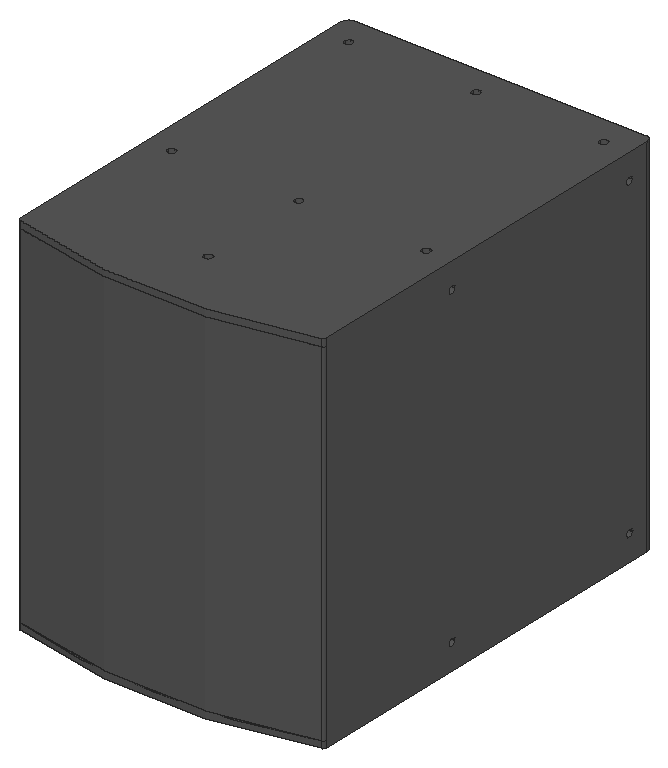
Revit family "1Electronics_Community_Biamp_Subwoofer_IS8-115WR", category Communication Devices, host Face, Revit 2020
Family settings
  Host = Face
  Maintain Annotation Orientation = No
  Round Connector Dimension = Use Diameter
  Part Type = Normal
  OmniClass Number = 23.85.10.11.14.14.14
  OmniClass Title = Loudspeakers
  Cut with Voids When Loaded = No
  Shared = No
  Room Calculation Point = No
Parameters (values of type "IS8-115WR B")
  Width = 16.50"  # constant formula
  Weight = 72.00 lbf  # constant formula
  URL = "https://www.biamp.com/"
  Transducers = "1 x 15 (381mm) double-treated cone with 4 (102mm) voice coil, demodulation ring, neodymium construction"  # constant formula
  Shipping Weight = 82.00 lbf  # constant formula
  Recommended Amplifiers = "Single Amp - 1000W - 2000W @ 8 ohms,  (89V - 126V)"  # constant formula
  Product data url = "https://bimobject.com/biamp/product/is8-115wr_community-subwoofer"
  Product Page URL = "https://www.biamp.com/products/product-families/community/community-subwoofers#is8-115wr"
  Product Documentation Link = "https://www.biamp.com/products/product-families/community/community-subwoofers#is8-115wr"
  Operating Range = "36 Hz to 155 Hz  "  # constant formula
  Operating Mode = "Single Amp"  # constant formula
  Operating Environment = "Weather-Resistant Outdoor "  # constant formula
  Nominal Sensitivity = "Half Space - 1W: 99 dB - 2.83V: 99 dB; Whole Space - 1W: 93 dB - 2.83V: 93 dB"  # constant formula
  Nominal Maximum SPL = "Half Space - Peak: 135 dB - Continuous: 129 dB; Whole Space - Peak: 129 dB - Continuous: 123 dB"  # constant formula
  Mounting Points = "(22) M10 threaded rigging points"  # constant formula
  Model = "IS8-115WR B"
  Manufacturer = "Biamp"  # constant formula
  Input Connection = "Screw terminal blocks (4-position)"  # constant formula
  Housing Material = Biamp - Plastic - Black
  Height = 19.80078"  # constant formula
  Grill Material = Biamp - Plastic - Black(Grid)
  Equalized Sensitivity = "Half Space - 1W: 97 dB - 2.83V: 97 dB; Whole Space - 1W: 91 dB - 2.83V: 91 dB"  # constant formula
  Equalized Maximum SPL = "Half Space - Peak: 133 dB - Continuous: 127 dB; Whole Space - Peak: 127 dB - Continuous: 121 dB"  # constant formula
  Environmental = "Outdoor:  IP55W per IEC 60529 , MIL-STD-810G"  # constant formula
  Description = "IS8-115WR High Power Single 15-Inch Weather-Resistant Subwoofer"  # constant formula
  Depth = 23.35156"  # constant formula
  Default Elevation = 48.00"
  Continuous Power Handling  Nominal Impedance = "Single Amp - 89V, 1000W @ 8 ohms (4000W peak)"  # constant formula
Types (4): name | Model | Housing Material | Grill Material
  (no name) | "IS8-115WR B" | Biamp - Plastic - Black | Biamp - Plastic - Black(Grid)
  IS8-115WR B | "IS8-115WR B" | Biamp - Plastic - Black | Biamp - Plastic - Black(Grid)
  IS8-115WR W | "IS8-115WR W" | Biamp - Plastic - White | Biamp - Plastic - White(Grid)
  IS8-115WR G | "IS8-115WR G" | Biamp - Plastic - Gray | Biamp - Plastic - Gray(Grid)
Reference planes (in)
  plane 1 "Center (Front/Back)": y = 0
  plane 2: z = 0
  plane 3 "Center (Left/Right)": x = 0
  plane 4: y = 11.67578
  plane 5: y = -11.67578
  plane 6: x = -8.25
  plane 7: x = 8.25
  plane 8: z = 19.80078
  plane 9: z = 9.90039
Forms (in)
  Extrusion 1, solid, material "Biamp - Plastic - Black" <- "Housing Material", detail levels medium+fine
    sketch origin (0, 0, 0) x (1, 0, 0) y (0, 1, 0)
      loop
        arc (-8.24987, -10.31424) -> (-8.21124, -10.41966) -> (-8.11864, -10.48315) r 0.18443
        arc (-8.11864, -10.48315) -> (0, -11.67578) -> (8.11863, -10.48315) r 28.22936
        arc (8.11863, -10.48315) -> (8.21126, -10.41963) -> (8.24987, -10.31417) r 0.18443
        line (8.24987, -10.31417) -> (8.24987, 11.30084)
        arc (8.24987, 11.30084) -> (8.14005, 11.56597) -> (7.87491, 11.6758) r 0.37495
        line (7.87491, 11.6758) -> (-7.87511, 11.6758)
        arc (-7.87511, 11.6758) -> (-8.14583, 11.56033) -> (-8.24987, 11.28502) r 0.37508
        line (-8.24987, 11.28502) -> (-8.24987, -10.31424)
    from 0 to 19.80078
  Extrusion 2, void
    sketch origin (0, 0, 0) x (1, 0, 0) y (0, 1, 0)
      loop
        circle (-6.87, 10.11578) r 0.21654
      loop
        circle (0, 10.11578) r 0.21654
      loop
        circle (-6.87, -1.85422) r 0.21654
      loop
        circle (0, -1.85422) r 0.21654
      loop
        circle (0, -7.97422) r 0.21654
      loop
        circle (6.87, 10.11578) r 0.21654
      loop
        circle (6.87, -1.85422) r 0.21654
    from 19.42578 to 19.80078
  Extrusion 3, void
    sketch origin (0, 0, 0) x (0, 1, 0) y (0, 0, 1)
      loop
        circle (10.11578, 1.38) r 0.21654
      loop
        circle (10.11578, 18.42) r 0.21654
      loop
        circle (-1.85422, 1.38) r 0.21654
      loop
        circle (-1.85422, 18.42) r 0.21654
    from 8.25 to 7.875
  Extrusion 4, void
    sketch origin (0, 0, 0) x (1, 0, 0) y (0, 0, 1)
      loop
        circle (0, 18.42078) r 0.21654
      loop
        circle (0, 1.38) r 0.21654
      loop
        line (2.005, 13.43039) -> (-2.005, 13.43039)
        arc (-2.005, 13.43039) -> (-2.09339, 13.39378) -> (-2.13, 13.30539) r 0.125
        line (-2.13, 13.30539) -> (-2.13, 6.49539)
        arc (-2.13, 6.49539) -> (-2.09339, 6.407) -> (-2.005, 6.37039) r 0.125
        line (-2.005, 6.37039) -> (2.005, 6.37039)
        arc (2.005, 6.37039) -> (2.09339, 6.407) -> (2.13, 6.49539) r 0.125
        line (2.13, 6.49539) -> (2.13, 13.30539)
        arc (2.13, 13.30539) -> (2.09339, 13.39378) -> (2.005, 13.43039) r 0.125
    from -11.67578 to -11.30078
  Extrusion 5, void
    sketch origin (0, 0, 0) x (0, 1, 0) y (0, 0, 1)
      loop
        line (-10.30979, 19.42578) -> (-11.67578, 19.42578) -> (-11.67578, 0.375) -> (-10.30979, 0.375) -> (-10.30979, 19.42578)
    from -8.25 to 8.25
  Extrusion 6, solid, material "Biamp - Plastic - Black(Grid)" <- "Grill Material", detail levels medium+fine
    sketch origin (0, 0, 0) x (1, 0, 0) y (0, 1, 0)
      loop
        arc (-8.25, -10.30979) -> (-8.21259, -10.41789) -> (-8.11864, -10.48315) r 0.18443
        arc (-8.11864, -10.48315) -> (0, -11.67578) -> (8.11863, -10.48315) r 28.22936
        arc (8.11863, -10.48315) -> (8.21259, -10.41789) -> (8.25, -10.30979) r 0.18443
        line (8.25, -10.30979) -> (-8.25, -10.30979)
    from 0.375 to 19.42578
  Extrusion 7, solid, material "Biamp - Plastic - Black" <- "Housing Material", detail levels medium+fine
    sketch origin (0, 0, 0) x (1, 0, 0) y (0, 0, 1)
      loop
        line (-0.5, 12.43039) -> (-0.5, 12.18039) -> (0.5, 12.18039) -> (0.5, 12.43039) -> (-0.5, 12.43039)
      loop
        line (-0.5, 11.43039) -> (-0.5, 11.18039) -> (0.5, 11.18039) -> (0.5, 11.43039) -> (-0.5, 11.43039)
    from -11.48828 to -11.30078
  Extrusion 8, void
    sketch origin (0, 0, -19.42578) x (0, -1, 0) y (1, 0, 0)
      loop
        circle (-10.11578, 6.87) r 0.21654
      loop
        circle (-10.11578, -6.87) r 0.21654
      loop
        circle (-10.11578, 0) r 0.21654
      loop
        circle (1.85422, 6.87) r 0.21654
      loop
        circle (1.85422, -6.87) r 0.21654
      loop
        circle (1.85422, 0) r 0.21654
      loop
        circle (7.97422, 0) r 0.21654
    from 19.42578 to 19.80078
  Extrusion 9, void
    sketch origin (1.65039, 0, 0) x (0, 1, 0) y (0, 0, -1)
      loop
        circle (10.11578, -1.38) r 0.21654
      loop
        circle (10.11578, -18.42) r 0.21654
      loop
        circle (-1.85422, -1.38) r 0.21654
      loop
        circle (-1.85422, -18.42) r 0.21654
    from 9.52539 to 9.90039
  Extrusion 10, solid, material "Biamp - Plastic - Black" <- "Housing Material", detail levels coarse
    sketch origin (0, 0, 0) x (1, 0, 0) y (0, 1, 0)
      loop
        line (8.24987, -10.31417) -> (8.24987, 11.30084)
        arc (8.24987, 11.30084) -> (8.14005, 11.56597) -> (7.87491, 11.6758) r 0.37495
        line (7.87491, 11.6758) -> (-7.87511, 11.6758)
        arc (-7.87511, 11.6758) -> (-8.14583, 11.56033) -> (-8.24987, 11.28502) r 0.37508
        line (-8.24987, 11.28502) -> (-8.24987, -10.31424)
        arc (-8.24987, -10.31424) -> (-8.21124, -10.41966) -> (-8.11864, -10.48315) r 0.18443
        arc (-8.11864, -10.48315) -> (0, -11.67578) -> (8.11863, -10.48315) r 28.22936
        arc (8.11863, -10.48315) -> (8.21259, -10.41789) -> (8.25, -10.30979) r 0.18443
    from 0 to 19.80078
Cuts and joins
  Extrusion 2, Extrusion 3, Extrusion 4, Extrusion 5, Extrusion 8, Extrusion 9 cuts Extrusion 1
Lines and regions (in)
  Masking region 1
    outline origin (0, 0, 0) x (0, 1, 0) y (0, 0, 1)
      loop
        line (11.67578, 19.80078) -> (-11.67578, 19.80078) -> (-11.67578, 0) -> (11.67578, 0) -> (11.67578, 19.80078)
  Masking region 2
    outline origin (0, 0, 0) x (1, 0, 0) y (0, 0, 1)
      loop
        line (-8.25, 19.80078) -> (-8.25, 0) -> (8.25011, 0) -> (8.25011, 19.80078) -> (-8.25, 19.80078)
  Masking region 3
    outline origin (0, 0, 0) x (1, 0, 0) y (0, 1, 0)
      loop
        arc (-8.24987, -10.31424) -> (-8.21124, -10.41966) -> (-8.11864, -10.48315) r 0.18443
        arc (-8.11864, -10.48315) -> (0, -11.67578) -> (8.11863, -10.48315) r 28.22936
        arc (8.11863, -10.48315) -> (8.21126, -10.41963) -> (8.24987, -10.31417) r 0.18443
        line (8.24987, -10.31417) -> (8.24987, 11.30084)
        arc (8.24987, 11.30084) -> (8.14005, 11.56597) -> (7.87491, 11.6758) r 0.37495
        line (7.87491, 11.6758) -> (-7.87511, 11.6758)
        arc (-7.87511, 11.6758) -> (-8.14583, 11.56033) -> (-8.24987, 11.28502) r 0.37508
        line (-8.24987, 11.28502) -> (-8.24987, -10.31424)
  symbolic lines
    curve 1: arc (-6.65346, 10.11578, 0) -> (-6.87, 9.89925, 0) -> (-7.08654, 10.11578, 0) r 0.21654
    curve 2: arc (-7.08654, 10.11578, 0) -> (-6.87, 10.33232, 0) -> (-6.65346, 10.11578, 0) r 0.21654
    curve 3: arc (0.21654, 10.11578, 0) -> (0, 9.89925, 0) -> (-0.21654, 10.11578, 0) r 0.21654
    curve 4: arc (-0.21654, 10.11578, 0) -> (0, 10.33232, 0) -> (0.21654, 10.11578, 0) r 0.21654
    curve 5: arc (7.08654, 10.11578, 0) -> (6.87, 9.89925, 0) -> (6.65346, 10.11578, 0) r 0.21654
    curve 6: arc (6.65346, 10.11578, 0) -> (6.87, 10.33232, 0) -> (7.08654, 10.11578, 0) r 0.21654
    curve 7: arc (-6.65346, -1.85422, 0) -> (-6.87, -2.07075, 0) -> (-7.08654, -1.85422, 0) r 0.21654
    curve 8: arc (-7.08654, -1.85422, 0) -> (-6.87, -1.63768, 0) -> (-6.65346, -1.85422, 0) r 0.21654
    curve 9: arc (0.21654, -1.85422, 0) -> (0, -2.07075, 0) -> (-0.21654, -1.85422, 0) r 0.21654
    curve 10: arc (-0.21654, -1.85422, 0) -> (0, -1.63768, 0) -> (0.21654, -1.85422, 0) r 0.21654
    curve 11: arc (7.08654, -1.85422, 0) -> (6.87, -2.07075, 0) -> (6.65346, -1.85422, 0) r 0.21654
    curve 12: arc (6.65346, -1.85422, 0) -> (6.87, -1.63768, 0) -> (7.08654, -1.85422, 0) r 0.21654
    curve 13: arc (0.21654, -7.97422, 0) -> (0, -8.19075, 0) -> (-0.21654, -7.97422, 0) r 0.21654
    curve 14: arc (-0.21654, -7.97422, 0) -> (0, -7.75768, 0) -> (0.21654, -7.97422, 0) r 0.21654
    curve 15: line (0, -11.67578, 19.80078) -> (0, 11.67578, 19.80078)
    curve 16: line (0, -11.67578, 0) -> (0, -11.67578, 19.80078)
    curve 17: line (0, 11.67578, 0) -> (0, -11.67578, 0)
    curve 18: line (0, 11.67578, 19.80078) -> (0, 11.67578, 0)
    curve 19: arc (0, -1.63768, 18.42) -> (0, -1.85422, 18.20346) -> (0, -2.07075, 18.42) r 0.21654
    curve 20: arc (0, -2.07075, 18.42) -> (0, -1.85422, 18.63654) -> (0, -1.63768, 18.42) r 0.21654
    curve 21: arc (0, 10.33232, 18.42) -> (0, 10.11578, 18.20346) -> (0, 9.89925, 18.42) r 0.21654
    curve 22: arc (0, 9.89925, 18.42) -> (0, 10.11578, 18.63654) -> (0, 10.33232, 18.42) r 0.21654
    curve 23: arc (0, -1.63768, 1.38) -> (0, -1.85422, 1.16346) -> (0, -2.07075, 1.38) r 0.21654
    curve 24: arc (0, -2.07075, 1.38) -> (0, -1.85422, 1.59654) -> (0, -1.63768, 1.38) r 0.21654
    curve 25: arc (0, 10.33232, 1.38) -> (0, 10.11578, 1.16346) -> (0, 9.89925, 1.38) r 0.21654
    curve 26: arc (0, 9.89925, 1.38) -> (0, 10.11578, 1.59654) -> (0, 10.33232, 1.38) r 0.21654
    curve 27: line (0, -11.67578, 19.42578) -> (0, -9.83126, 19.42578)
    curve 28: line (0, -9.83126, 19.80078) -> (0, -9.83126, 0)
    curve 29: line (0, -9.83126, 0.375) -> (0, -11.67578, 0.375)
    curve 30: line (-8.25, 0, 19.80078) -> (8.25011, 0, 19.80078)
    curve 31: line (-8.25, 0, 0) -> (-8.25, 0, 19.80078)
    curve 32: line (8.25011, 0, 0) -> (-8.25, 0, 0)
    curve 33: line (8.25011, 0, 19.80078) -> (8.25011, 0, 0)
    curve 34: line (8.25011, 0, 19.42578) -> (-8.25, 0, 19.42578)
    curve 35: line (-8.25, 0, 0.375) -> (8.25011, 0, 0.375)
Dimensions and locks (in)
  equal spacing: plane 5, plane 1 "Center (Front/Back)", plane 4
  "Depth": plane 4 to plane 5
  equal spacing: plane 6, plane 3 "Center (Left/Right)", plane 7
  "Width": plane 6 to plane 7
  "Height": plane 8 to plane 2
  equal spacing: plane 8, plane 9, plane 2
  aligned and locked: plane 2 to host face
  aligned and locked: level to host face
  aligned and locked: plane 8 to Extrusion 1
  aligned and locked: plane 8 to Extrusion 2
  aligned and locked: Extrusion 4 to plane 4
  aligned and locked: plane 7 to Extrusion 3
  aligned and locked: plane 7 to Extrusion 5
  aligned and locked: Extrusion 5 to plane 6
Automatic sketch dimensions
  host sketch curve to host sketch curve = 96.00"  (x2)
  Extrusion 7 sketch curve to plane 3 "Center (Left/Right)" = 0.50"  (x2)
  plane 3 "Center (Left/Right)" to Extrusion 7 sketch curve = 0.50"  (x2)
  plane 9 to Extrusion 7 sketch curve = 1.28"
  Extrusion 7 sketch curve to Extrusion 7 sketch curve = 0.25"  (x2)
  Extrusion 7 sketch curve to Extrusion 7 sketch curve = 0.75"
  curve 1 to curve 2 = 0.00"  (x2)
  curve 3 to curve 4 = 0.00"  (x2)
  curve 5 to curve 6 = 0.00"  (x2)
  curve 7 to curve 8 = 0.00"  (x2)
  curve 9 to curve 10 = 0.00"  (x2)
  curve 11 to curve 12 = 0.00"  (x2)
  curve 13 to curve 14 = 0.00"  (x2)
  curve 10 to plane 3 "Center (Left/Right)" = 0.00"
  curve 13 to plane 3 "Center (Left/Right)" = 0.00"
  curve 3 to plane 3 "Center (Left/Right)" = 0.00"
  plane 6 to curve 7 = 1.38"
  plane 6 to curve 1 = 1.38"
  curve 5 to plane 7 = 1.38"
  curve 12 to plane 7 = 1.38"
  plane 5 to curve 14 = 3.70156"
  plane 1 "Center (Front/Back)" to curve 12 = 1.85422"
  plane 1 "Center (Front/Back)" to curve 10 = 1.85422"
  plane 1 "Center (Front/Back)" to curve 7 = 1.85422"
  plane 4 to curve 6 = 1.56"
  plane 4 to curve 4 = 1.56"
  plane 4 to curve 2 = 1.56"
  curve 10 to curve 9 = 0.21654"
  curve 3 to curve 3 = 0.21654"
  curve 13 to curve 13 = 0.21654"
  curve 7 to curve 7 = 0.21654"
  curve 1 to curve 1 = 0.21654"
  curve 5 to curve 5 = 0.21654"
  curve 11 to curve 11 = 0.21654"
  curve 19 to curve 20 = 0.00"  (x2)
  curve 21 to curve 22 = 0.00"  (x2)
  curve 23 to curve 24 = 0.00"  (x2)
  curve 25 to curve 26 = 0.00"  (x2)
  curve 15 to plane 5 = 0.00"
  curve 28 to plane 8 = 0.00"
  curve 28 to level = 0.00"
  curve 17 to plane 4 = 0.00"
  plane 1 "Center (Front/Back)" to curve 19 = 1.85422"
  plane 1 "Center (Front/Back)" to curve 24 = 1.85422"
  plane 4 to curve 25 = 1.56"
  plane 4 to curve 22 = 1.56"
  level to curve 26 = 1.38"
  level to curve 24 = 1.38"
  curve 22 to plane 8 = 1.38078"
  curve 20 to plane 8 = 1.38078"
  level to curve 29 = 0.375"
  curve 29 to curve 29 = 1.84453"
  curve 23 to curve 23 = 0.21654"
  curve 20 to curve 19 = 0.21654"
  curve 22 to curve 21 = 0.21654"
  curve 26 to curve 25 = 0.21654"
  curve 27 to plane 8 = 0.375"
  curve 30 to plane 6 = 0.00"
  curve 33 to level = 0.00"
  curve 30 to plane 8 = 0.00"
  plane 7 to curve 33 = 0.00011"
  level to curve 35 = 0.375"
  curve 34 to curve 30 = 0.375"
  Extrusion 2 sketch curve to plane 3 "Center (Left/Right)" = 0.00"  (x3)
  plane 6 to Extrusion 2 sketch curve = 1.38"  (x2)
  Extrusion 2 sketch curve to plane 7 = 1.38"  (x2)
  plane 5 to Extrusion 2 sketch curve = 3.70156"
  plane 1 "Center (Front/Back)" to Extrusion 2 sketch curve = 1.85422"  (x3)
  plane 4 to Extrusion 2 sketch curve = 1.56"  (x3)
  plane 1 "Center (Front/Back)" to Extrusion 3 sketch curve = 1.85422"  (x2)
  plane 4 to Extrusion 3 sketch curve = 1.56"  (x2)
  level to Extrusion 3 sketch curve = 1.38"  (x2)
  Extrusion 3 sketch curve to plane 8 = 1.38078"  (x2)
  Extrusion 4 sketch curve to plane 3 "Center (Left/Right)" = 0.00"  (x2)
  Extrusion 4 sketch curve to plane 3 "Center (Left/Right)" = 2.005"  (x2)
  Extrusion 4 sketch curve to Extrusion 4 sketch curve = 0.125"  (x2)
  plane 3 "Center (Left/Right)" to Extrusion 4 sketch curve = 2.005"  (x2)
  level to Extrusion 4 sketch curve = 1.38"
  Extrusion 4 sketch curve to plane 9 = 3.53"
  plane 9 to Extrusion 4 sketch curve = 3.405"
  Extrusion 4 sketch curve to plane 8 = 1.38"
  Extrusion 5 sketch curve to plane 5 = 0.00"
  level to Extrusion 5 sketch curve = 0.375"
  Extrusion 5 sketch curve to Extrusion 5 sketch curve = 1.36599"
  Extrusion 5 sketch curve to plane 8 = 0.375"
  Extrusion 6 sketch curve to plane 6 = 0.00"
  plane 6 to Extrusion 6 sketch curve = 0.1844"
  Extrusion 6 sketch curve to plane 3 "Center (Left/Right)" = 0.00"
  Extrusion 6 sketch curve to plane 7 = 0.18441"
  Extrusion 6 sketch curve to plane 7 = 0.00"
  plane 5 to Extrusion 6 sketch curve = 1.36599"
  Extrusion 6 sketch curve to Extrusion 6 sketch curve = 0.00329"  (x2)
  Extrusion 6 sketch curve to plane 4 = 4.87779"
  Extrusion 6 sketch curve to Extrusion 6 sketch curve = 0.00"
  Extrusion 8 sketch curve to plane 3 "Center (Left/Right)" = 0.00"  (x3)
  plane 4 to Extrusion 8 sketch curve = 1.56"  (x3)
  plane 1 "Center (Front/Back)" to Extrusion 8 sketch curve = 1.85422"  (x3)
  plane 5 to Extrusion 8 sketch curve = 3.70156"
  plane 6 to Extrusion 8 sketch curve = 1.38"  (x2)
  Extrusion 8 sketch curve to plane 7 = 1.38"  (x2)
  plane 1 "Center (Front/Back)" to Extrusion 9 sketch curve = 1.85422"  (x2)
  plane 4 to Extrusion 9 sketch curve = 1.56"  (x2)
  Extrusion 9 sketch curve to plane 8 = 1.38078"  (x2)
  level to Extrusion 9 sketch curve = 1.38"  (x2)
  plane 6 to Extrusion 10 sketch curve = 0.00013"
  plane 6 to Extrusion 10 sketch curve = 0.1844"
  Extrusion 10 sketch curve to plane 4 = 0.00001"
  plane 6 to Extrusion 10 sketch curve = 0.37489"
  Extrusion 10 sketch curve to plane 3 "Center (Left/Right)" = 0.00"
  Extrusion 10 sketch curve to plane 7 = 0.37509"
  Extrusion 10 sketch curve to plane 7 = 0.18441"
  Extrusion 10 sketch curve to plane 7 = 0.00013"
  Extrusion 10 sketch curve to Extrusion 10 sketch curve = 0.37508"
  plane 5 to Extrusion 10 sketch curve = 1.36928"  (x2)
  Extrusion 10 sketch curve to Extrusion 10 sketch curve = 0.00773"
  Extrusion 10 sketch curve to plane 4 = 4.87779"
  Extrusion 10 sketch curve to Extrusion 10 sketch curve = 0.00"  (x2)
  Extrusion 10 sketch curve to plane 7 = 0.00"
  Masking region 1 sketch curve to plane 5 = 0.00"
  Masking region 1 sketch curve to level = 0.00"
  Masking region 1 sketch curve to plane 4 = 0.00"
  Masking region 1 sketch curve to plane 8 = 0.00"
  Masking region 2 sketch curve to level = 0.00"
  Masking region 2 sketch curve to plane 6 = 0.00"
  Masking region 2 sketch curve to plane 8 = 0.00"
  plane 7 to Masking region 2 sketch curve = 0.00011"
  plane 6 to Extrusion 1 sketch curve = 0.00013"
  plane 6 to Extrusion 1 sketch curve = 0.1844"
  Extrusion 1 sketch curve to plane 4 = 0.00001"
  plane 6 to Extrusion 1 sketch curve = 0.37489"
  Extrusion 1 sketch curve to plane 3 "Center (Left/Right)" = 0.00"
  Extrusion 1 sketch curve to plane 7 = 0.37509"
  Extrusion 1 sketch curve to plane 7 = 0.18441"
  Extrusion 1 sketch curve to plane 7 = 0.00013"
  Extrusion 1 sketch curve to Extrusion 1 sketch curve = 0.37508"
  plane 5 to Extrusion 1 sketch curve = 1.36928"  (x2)
  Extrusion 1 sketch curve to Extrusion 1 sketch curve = 0.00767"
  Extrusion 1 sketch curve to Extrusion 1 sketch curve = 0.00773"
  Extrusion 1 sketch curve to plane 4 = 4.87779"
  Extrusion 1 sketch curve to Extrusion 1 sketch curve = 0.00"
  plane 6 to Masking region 3 sketch curve = 0.00013"
  plane 6 to Masking region 3 sketch curve = 0.1844"
  Masking region 3 sketch curve to plane 4 = 0.00001"
  plane 6 to Masking region 3 sketch curve = 0.37489"
  Masking region 3 sketch curve to plane 3 "Center (Left/Right)" = 0.00"
  Masking region 3 sketch curve to plane 7 = 0.37509"
  Masking region 3 sketch curve to plane 7 = 0.18441"
  Masking region 3 sketch curve to plane 7 = 0.00013"
  Masking region 3 sketch curve to Masking region 3 sketch curve = 0.37508"
  plane 5 to Masking region 3 sketch curve = 1.36928"  (x2)
  Masking region 3 sketch curve to Masking region 3 sketch curve = 0.00767"
  Masking region 3 sketch curve to Masking region 3 sketch curve = 0.00773"
  Masking region 3 sketch curve to plane 4 = 4.87779"
  Masking region 3 sketch curve to Masking region 3 sketch curve = 0.00"
  radius of Extrusion 2 sketch curve = 0.21654"  (x7)
  radius of Extrusion 3 sketch curve = 0.21654"  (x4)
  radius of Extrusion 4 sketch curve = 0.21654"  (x2)
  radius of Extrusion 8 sketch curve = 0.21654"  (x7)
  radius of Extrusion 9 sketch curve = 0.21654"  (x4)
Connectors (in)
  electrical at (0.25, 11.48828, 12.30539)
    settings: on Extrusion 7, index 1, voltage 0 V, apparent load 0 VA, apparent load phase1 0 VA, apparent load phase2 0 VA, apparent load phase3 0 VA, power factor 1, load classification "Other", number of poles 1, system type 5, power factor state 1, is connector primary yes, connector utility no, sub classification motor no, connector description "Screw terminal blocks; LF Input"
  electrical at (0.25, 11.48828, 11.30539)
    settings: on Extrusion 7, index 2, voltage 0 V, apparent load 0 VA, apparent load phase1 0 VA, apparent load phase2 0 VA, apparent load phase3 0 VA, power factor 1, load classification "Other", number of poles 1, system type 5, power factor state 1, is connector primary no, connector utility no, sub classification motor no, connector description "Screw terminal blocks; LOOP Input"
  electrical at (-0.25, 11.48828, 12.30539)
    settings: on Extrusion 7, index 3, voltage 0 V, apparent load 0 VA, apparent load phase1 0 VA, apparent load phase2 0 VA, apparent load phase3 0 VA, power factor 1, load classification "Other", number of poles 1, system type 5, power factor state 1, is connector primary no, connector utility no, sub classification motor no, connector description "Screw terminal blocks; LF thru"
  electrical at (-0.25, 11.48828, 11.30539)
    settings: on Extrusion 7, index 4, voltage 0 V, apparent load 0 VA, apparent load phase1 0 VA, apparent load phase2 0 VA, apparent load phase3 0 VA, power factor 1, load classification "Other", number of poles 1, system type 5, power factor state 1, is connector primary no, connector utility no, sub classification motor no, connector description "Screw terminal blocks; LOOP thru"
